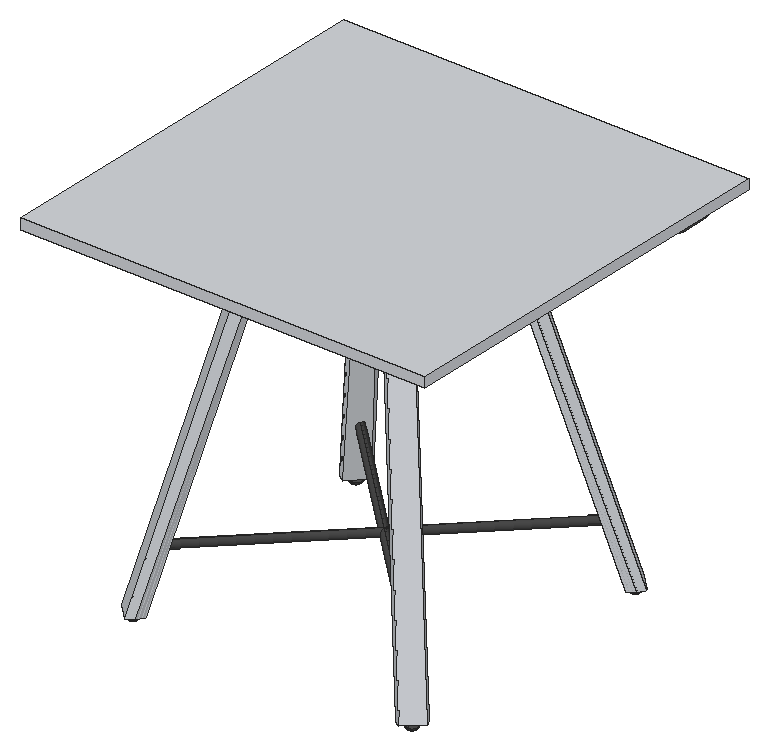
Revit family "Table-Teknion-NFTS_Wood_Table_Square-R2020", category Furniture, Revit 2020 (continued)
Dimensions and locks (in)
  aligned and locked: curve 113 to SweptBlend 6
  aligned and locked: curve 114 to SweptBlend 6
  aligned and locked: curve 115 to SweptBlend 7
  aligned and locked: curve 116 to SweptBlend 7
  aligned and locked: curve 117 to SweptBlend 7
  aligned and locked: curve 118 to SweptBlend 7
  aligned and locked: curve 119 to SweptBlend 7
  aligned and locked: curve 120 to SweptBlend 7
  aligned and locked: curve 121 to SweptBlend 7
  aligned and locked: curve 122 to SweptBlend 7
  aligned and locked: curve 123 to SweptBlend 7
  aligned and locked: curve 124 to SweptBlend 7
  aligned and locked: curve 125 to SweptBlend 7
  aligned and locked: curve 126 to SweptBlend 7
  aligned and locked: curve 127 to SweptBlend 7
  aligned and locked: curve 128 to SweptBlend 7
  aligned and locked: curve 130 to SweptBlend 7
  aligned and locked: curve 131 to SweptBlend 7
  aligned and locked: curve 132 to SweptBlend 7
  aligned and locked: curve 133 to Revolve 14
  aligned and locked: curve 134 to Revolve 14
  aligned and locked: curve 135 to Revolve 14
  aligned and locked: curve 136 to Revolve 14
  aligned and locked: curve 137 to Revolve 14
  aligned and locked: curve 138 to Revolve 14
  aligned and locked: curve 139 to Revolve 14
  aligned and locked: curve 140 to Revolve 14
  aligned and locked: curve 143 to SweptBlend 17
  aligned and locked: curve 145 to Revolve 14
  aligned and locked: curve 146 to Revolve 14
  aligned and locked: curve 149 to SweptBlend 8
  aligned and locked: curve 150 to SweptBlend 8
  aligned and locked: curve 151 to SweptBlend 8
  aligned and locked: curve 152 to SweptBlend 8
  aligned and locked: curve 153 to SweptBlend 8
  aligned and locked: curve 154 to SweptBlend 8
  aligned and locked: curve 155 to SweptBlend 8
  aligned and locked: curve 156 to SweptBlend 8
  aligned and locked: curve 157 to SweptBlend 8
  aligned and locked: curve 158 to SweptBlend 8
  aligned and locked: curve 159 to SweptBlend 8
  aligned and locked: curve 160 to SweptBlend 8
  aligned and locked: curve 161 to SweptBlend 8
  aligned and locked: curve 162 to SweptBlend 8
  aligned and locked: curve 163 to SweptBlend 8
  aligned and locked: curve 164 to SweptBlend 8
  aligned and locked: curve 165 to SweptBlend 8
  aligned and locked: curve 166 to SweptBlend 8
  aligned and locked: curve 169 to Revolve 16
  aligned and locked: curve 170 to Revolve 16
  aligned and locked: curve 171 to Revolve 16
  aligned and locked: curve 172 to Revolve 16
  aligned and locked: curve 173 to Revolve 16
  aligned and locked: curve 174 to Revolve 16
  aligned and locked: curve 175 to Revolve 16
  aligned and locked: curve 176 to Revolve 16
  aligned and locked: curve 177 to Revolve 16
  aligned and locked: curve 178 to Revolve 16
  aligned and locked: curve 3 to Sweep 12
  aligned and locked: curve 4 to Sweep 12
  aligned and locked: curve 181 to Sweep 12
  aligned and locked: curve 182 to Sweep 12
  aligned and locked: curve 187 to Sweep 12
  aligned and locked: curve 188 to Sweep 12
  aligned and locked: curve 189 to Sweep 12
  aligned and locked: curve 190 to Sweep 12
  aligned and locked: nested 1 to Sweep 1
  aligned and locked: nested 1 to plane 1 "Center Front/Back"
  aligned and locked: plane 1 "Center Front/Back" to nested 2
  aligned and locked: plane 3 "Center Left/Right" to nested 2
  aligned and locked: Sweep 1 to nested 3
  aligned and locked: plane 1 "Center Front/Back" to nested 3
  aligned and locked: curve 191 to SweptBlend 9
  aligned and locked: curve 192 to SweptBlend 9
  aligned and locked: curve 193 to SweptBlend 9
  aligned and locked: curve 194 to SweptBlend 9
  aligned and locked: curve 196 to Sweep 2
  aligned and locked: curve 197 to Sweep 3
  aligned and locked: curve 198 to Sweep 2
  aligned and locked: curve 195 to Sweep 3
Automatic sketch dimensions
  SweptBlend 5 sketch curve to plane 8 "Top" = 5.250"
  Sweep 1 sketch curve to plane 3 "Center Left/Right" = 0.000"
  level to SweptBlend 8 sketch curve = 0.66929"
  SweptBlend 8 sketch curve to plane 8 "Top" = 1.000"
  level to SweptBlend 9 sketch curve = 0.66929"
  SweptBlend 9 sketch curve to plane 8 "Top" = 1.000"
  profile plane to SweptBlend 4 sketch curve = 0.3154"
  SweptBlend 4 sketch curve to SweptBlend 4 sketch curve = 0.000"
  SweptBlend 4 sketch curve to SweptBlend 4 sketch curve = 0.31572"
  SweptBlend 4 sketch curve to profile plane = 0.30889"
  SweptBlend 4 sketch curve to profile plane = 0.29671"
  profile plane to SweptBlend 4 sketch curve = 0.28134"
  profile plane to SweptBlend 4 sketch curve = 0.30825"
  profile plane to SweptBlend 4 sketch curve = 0.26527"
  SweptBlend 4 sketch curve to SweptBlend 4 sketch curve = 0.27296"
  SweptBlend 4 sketch curve to profile plane = 0.28064"
  SweptBlend 4 sketch curve to SweptBlend 4 sketch curve = 0.28902"
  SweptBlend 4 sketch curve to SweptBlend 4 sketch curve = 0.30857"
  plane 18 to SweptBlend 6 sketch curve = 0.01584"
  SweptBlend 4 sketch curve to profile plane = 0.00768"
  profile plane to SweptBlend 4 sketch curve = 9.40192"
  SweptBlend 7 sketch curve to plane 17 = 0.000"
  Sweep 10 sketch curve to Sweep 10 sketch curve = 0.050"
  Sweep 10 sketch curve to Sweep 10 sketch curve = 0.09265"  (x2)
  Sweep 10 sketch curve to Sweep 10 sketch curve = 0.04265"
  Sweep 11 sketch curve to Sweep 11 sketch curve = 0.107"  (x2)
  Sweep 12 sketch curve to Sweep 12 sketch curve = 0.49202"  (x3)
  Sweep 12 sketch curve to Sweep 12 sketch curve = 0.000"  (x4)
  Sweep 12 sketch curve to Sweep 12 sketch curve = 0.49205"
  Sweep 12 sketch curve to Sweep 12 sketch curve = 0.49206"  (x3)
  Sweep 12 sketch curve to Sweep 12 sketch curve = 0.00004"
  Sweep 12 sketch curve to Sweep 12 sketch curve = 2.40171"
  Sweep 12 sketch curve to Sweep 12 sketch curve = 2.40174"
  Revolve 14 sketch curve to Revolve 14 sketch curve = 0.000"
  Revolve 16 sketch curve to plane 10 = 0.000"
  profile plane to SweptBlend 17 sketch curve = 0.00028"
  profile plane to SweptBlend 17 sketch curve = 0.08664"
  SweptBlend 17 sketch curve to SweptBlend 17 sketch curve = 0.00735"
  SweptBlend 17 sketch curve to plane 11 = 0.19119"
  SweptBlend 17 sketch curve to SweptBlend 17 sketch curve = 0.00752"
  SweptBlend 17 sketch curve to SweptBlend 17 sketch curve = 0.09153"
  SweptBlend 17 sketch curve to SweptBlend 17 sketch curve = 0.000"
  SweptBlend 17 sketch curve to profile plane = 0.000"
  plane 11 to SweptBlend 17 sketch curve = 0.01477"
  SweptBlend 17 sketch curve to SweptBlend 17 sketch curve = 0.08645"
  SweptBlend 17 sketch curve to plane 10 = 0.08843"
  plane 10 to SweptBlend 17 sketch curve = 0.11895"
  SweptBlend 18 sketch curve to plane 12 = 0.01017"
  SweptBlend 18 sketch curve to plane 12 = 0.27242"
  SweptBlend 18 sketch curve to SweptBlend 18 sketch curve = 0.000"
  SweptBlend 18 sketch curve to profile plane = 0.036"
  SweptBlend 18 sketch curve to plane 9 = 0.01848"
  profile plane to SweptBlend 18 sketch curve = 0.04883"
  SweptBlend 18 sketch curve to profile plane = 0.09144"
  SweptBlend 18 sketch curve to SweptBlend 18 sketch curve = 0.00048"
  SweptBlend 18 sketch curve to SweptBlend 18 sketch curve = 0.00046"
  SweptBlend 18 sketch curve to profile plane = 0.00599"
  SweptBlend 18 sketch curve to SweptBlend 18 sketch curve = 0.08545"
  plane 9 to SweptBlend 18 sketch curve = 0.09951"
  profile plane to Sweep 20 sketch curve = 0.15042"
  profile plane to Sweep 20 sketch curve = 0.03125"
  Sweep 20 sketch curve to Sweep 20 sketch curve = 0.12179"
  Sweep 20 sketch curve to Sweep 20 sketch curve = 0.000"
  Revolve 19 sketch curve to Revolve 19 sketch curve = 0.000"
  Sweep 2 sketch curve to profile plane = 0.000"
  Sweep 3 sketch curve to profile plane = 0.000"
  curve 168 to plane 9 = 0.000"
  curve 85 to plane 11 = 0.000"
  curve 71 to plane 9 = 0.10723"
  plane 9 to curve 72 = 0.06955"
  plane 9 to curve 71 = 0.09951"
  curve 72 to plane 12 = 0.10189"
  curve 70 to curve 72 = 0.17632"
  curve 143 to plane 10 = 0.08871"
  curve 144 to plane 11 = 0.09942"
  curve 143 to plane 11 = 0.06955"
  curve 2 to curve 179 = 0.49205"
  curve 3 to curve 4 = 0.49206"
  curve 184 to curve 189 = 0.000"
  curve 75 to curve 72 = 0.01264"
  curve 71 to plane 12 = 0.05724"
  curve 75 to curve 71 = 0.14696"
  curve 184 to curve 187 = 0.000"
  curve 8 to curve 11 = 0.925"
  curve 9 to curve 5 = 0.925"
  curve 144 to curve 145 = 0.1427"
  plane 12 to curve 73 = 0.02454"
  curve 73 to curve 73 = 0.03402"
  curve 74 to curve 73 = 0.000"  (x2)
  plane 9 to curve 167 = 0.12179"
  curve 168 to curve 167 = 0.000"
  curve 70 to curve 70 = 0.0877"
  curve 70 to curve 69 = 0.00046"  (x2)
  curve 70 to curve 70 = 0.03416"
  plane 12 to curve 193 = 0.17627"
  curve 142 to curve 141 = 0.04184"
  curve 142 to curve 141 = 0.00754"
  curve 141 to curve 142 = 0.11831"
  curve 142 to curve 141 = 0.00752"
  curve 86 to plane 11 = 0.12071"
  curve 85 to curve 86 = 0.000"
  plane 11 to curve 147 = 0.01477"
  curve 148 to curve 147 = 0.000"  (x2)
  curve 147 to plane 10 = 0.05773"
  plane 11 to curve 147 = 0.10714"
  curve 144 to plane 10 = 0.05752"
  plane 10 to curve 147 = 0.02677"
  curve 85 to curve 87 = 0.04919"
  curve 87 to curve 86 = 0.06881"
  curve 174 to curve 168 = 0.11032"
  curve 168 to curve 170 = 0.06767"
Nested families (in)
  nested 1: "Teknion_2D_Node_Family-R2020" at (-20, 0, 0) x (0.7071, 0.7071, 0) z (0, 0, 1), type "Teknion_2D_Node_Family-R2020"
  nested 2: "Teknion_2D_Node_Family-R2020" at (0, 0, 0) x (0.7071, -0.7071, 0) z (0, 0, 1), type "Teknion_2D_Node_Family-R2020"
  nested 3: "Teknion_2D_Node_Family-R2020" at (20, 0, 0) x (0.7071, -0.7071, 0) z (0, 0, 1), type "Teknion_2D_Node_Family-R2020"
Definition of nested family "Teknion_2D_Node_Family-R2020"
  Reference planes (in)
    plane 1 "Center (Front/Back)": y = 0
    plane 2: z = 0
    plane 3 "Center (Left/Right)": x = 0
  Lines and regions (in)
    detail lines, in view "Ref. Level"
      curve 1: circle (0, 0, 0) r 1.25 normal (0, 0, 1)
      curve 2: line (1.91508, -1.91508, 0) -> (-1.91508, 1.91508, 0)
      curve 3: line (-1.91508, -1.91508, 0) -> (1.91508, 1.91508, 0)
Types (4): name | Wood Leg Finish | Top Finish | Model | Leg Support Height | Leg Support | Leg Dis | Height | Diagonal dis | Description
  (no name) | none | none | "NFTS3640" | 6.11299" | yes | 27.601" | 36.000" | 19.51685" | "Wood Table-Square, 36\" Height,40\" Size"
  29" Height | none | none | "NFTS2940" | 6.11299" | no | 27.073" | 29.000" | 19.1435" | "Wood Table-Square, 29\" Height,40\" Size"
  36" Height | none | none | "NFTS3640" | 6.11299" | yes | 27.601" | 36.000" | 19.51685" | "Wood Table-Square, 36\" Height,40\" Size"
  42" Height | Laminate - Teknion - LW - Storm White | Laminate - Teknion - 2T -Crisp Grey | "NFTS4240" | 12.113" | yes | 30.19371" | 42.000" | 21.35018" | "Wood Table-Square, 42\" Height,40\" Size"
